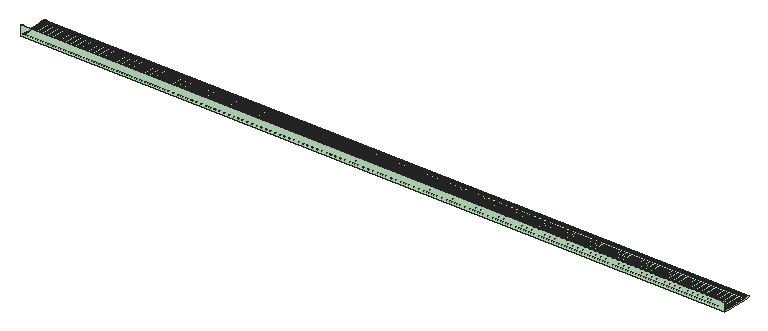
Revit family "PowerL125", category 機械設備, Revit 2020
Family settings
  丸型コネクタ寸法 = 直径を使用
  種別 = なし
  パーツ タイプ = 標準
  作業面ベース = いいえ
  常に垂直 = はい
  ロード時にボイドで切り取り = いいえ
  共有 = いいえ
  部屋計算ポイント = いいえ
Parameters
  製造元 = "株式会社桐井製作所"
  既定の高さ = 0 mm
  URL = "https://www.kirii.co.jp/"
  K_長さ(mm) = 3000 mm
  K_品名 = "Power L 125(Power L75)"
  K_名称 = "耐震天井見切り"
  K_バージョン情報 = "20211216"
Reference planes
  plane 1 "中心(正面/背面)": y = 0
  plane 2: z = 0
  plane 3 "中心(左/右)": x = 0
  plane 4: x = 3000
Forms (mm)
  Extrusion 1, solid
    sketch origin (0, 0, 0) x (0, 1, 0) y (0, 0, 1)
      loop
        line (1.6, 1.6) -> (1.6, 38.4) -> (3, 38.4) -> (3, 40) -> (0.5, 40)
        arc (0.5, 40) -> (0.146, 39.854) -> (0, 39.5) r 0.5
        line (0, 39.5) -> (0, 0) -> (10.786, 0)
        arc (10.786, 0) -> (11.5, 0.3) -> (12.214, 0) r 1
        line (12.214, 0) -> (13.014, 0)
        arc (13.014, 0) -> (13.728, 0.3) -> (14.442, 0) r 1
        line (14.442, 0) -> (15.242, 0)
        arc (15.242, 0) -> (15.957, 0.3) -> (16.671, 0) r 1
        line (16.671, 0) -> (17.471, 0)
        arc (17.471, 0) -> (18.185, 0.3) -> (18.899, 0) r 1
        line (18.899, 0) -> (19.699, 0)
        arc (19.699, 0) -> (20.413, 0.3) -> (21.127, 0) r 1
        line (21.127, 0) -> (21.927, 0)
        arc (21.927, 0) -> (22.641, 0.3) -> (23.356, 0) r 1
        line (23.356, 0) -> (24.156, 0)
        arc (24.156, 0) -> (24.87, 0.3) -> (25.584, 0) r 1
        line (25.584, 0) -> (26.384, 0)
        arc (26.384, 0) -> (27.098, 0.3) -> (27.812, 0) r 1
        line (27.812, 0) -> (28.612, 0)
        arc (28.612, 0) -> (29.326, 0.3) -> (30.04, 0) r 1
        line (30.04, 0) -> (30.84, 0)
        arc (30.84, 0) -> (31.555, 0.3) -> (32.269, 0) r 1
        line (32.269, 0) -> (33.069, 0)
        arc (33.069, 0) -> (33.783, 0.3) -> (34.497, 0) r 1
        line (34.497, 0) -> (35.297, 0)
        arc (35.297, 0) -> (36.011, 0.3) -> (36.725, 0) r 1
        line (36.725, 0) -> (37.525, 0)
        arc (37.525, 0) -> (38.239, 0.3) -> (38.954, 0) r 1
        line (38.954, 0) -> (39.754, 0)
        arc (39.754, 0) -> (40.468, 0.3) -> (41.182, 0) r 1
        line (41.182, 0) -> (41.982, 0)
        arc (41.982, 0) -> (42.696, 0.3) -> (43.41, 0) r 1
        line (43.41, 0) -> (44.21, 0)
        arc (44.21, 0) -> (44.924, 0.3) -> (45.638, 0) r 1
        line (45.638, 0) -> (46.438, 0)
        arc (46.438, 0) -> (47.153, 0.3) -> (47.867, 0) r 1
        line (47.867, 0) -> (48.667, 0)
        arc (48.667, 0) -> (49.381, 0.3) -> (50.095, 0) r 1
        line (50.095, 0) -> (50.895, 0)
        arc (50.895, 0) -> (51.609, 0.3) -> (52.323, 0) r 1
        line (52.323, 0) -> (53.123, 0)
        arc (53.123, 0) -> (53.837, 0.3) -> (54.552, 0) r 1
        line (54.552, 0) -> (55.352, 0)
        arc (55.352, 0) -> (56.066, 0.3) -> (56.78, 0) r 1
        line (56.78, 0) -> (57.58, 0)
        arc (57.58, 0) -> (58.294, 0.3) -> (59.008, 0) r 1
        line (59.008, 0) -> (59.808, 0)
        arc (59.808, 0) -> (60.522, 0.3) -> (61.236, 0) r 1
        line (61.236, 0) -> (62.036, 0)
        arc (62.036, 0) -> (62.751, 0.3) -> (63.465, 0) r 1
        line (63.465, 0) -> (64.265, 0)
        arc (64.265, 0) -> (64.979, 0.3) -> (65.693, 0) r 1
        line (65.693, 0) -> (66.493, 0)
        arc (66.493, 0) -> (67.207, 0.3) -> (67.921, 0) r 1
        line (67.921, 0) -> (68.721, 0)
        arc (68.721, 0) -> (69.435, 0.3) -> (70.15, 0) r 1
        line (70.15, 0) -> (70.95, 0)
        arc (70.95, 0) -> (71.664, 0.3) -> (72.378, 0) r 1
        line (72.378, 0) -> (73.178, 0)
        arc (73.178, 0) -> (73.892, 0.3) -> (74.606, 0) r 1
        line (74.606, 0) -> (75.406, 0)
        arc (75.406, 0) -> (76.12, 0.3) -> (76.834, 0) r 1
        line (76.834, 0) -> (77.634, 0)
        arc (77.634, 0) -> (78.349, 0.3) -> (79.063, 0) r 1
        line (79.063, 0) -> (79.863, 0)
        arc (79.863, 0) -> (80.577, 0.3) -> (81.291, 0) r 1
        line (81.291, 0) -> (82.091, 0)
        arc (82.091, 0) -> (82.805, 0.3) -> (83.519, 0) r 1
        line (83.519, 0) -> (84.319, 0)
        arc (84.319, 0) -> (85.033, 0.3) -> (85.748, 0) r 1
        line (85.748, 0) -> (86.548, 0)
        arc (86.548, 0) -> (87.262, 0.3) -> (87.976, 0) r 1
        line (87.976, 0) -> (88.776, 0)
        arc (88.776, 0) -> (89.49, 0.3) -> (90.204, 0) r 1
        line (90.204, 0) -> (91.004, 0)
        arc (91.004, 0) -> (91.718, 0.3) -> (92.432, 0) r 1
        line (92.432, 0) -> (93.232, 0)
        arc (93.232, 0) -> (93.947, 0.3) -> (94.661, 0) r 1
        line (94.661, 0) -> (95.461, 0)
        arc (95.461, 0) -> (96.175, 0.3) -> (96.889, 0) r 1
        line (96.889, 0) -> (97.689, 0)
        arc (97.689, 0) -> (98.403, 0.3) -> (99.117, 0) r 1
        line (99.117, 0) -> (99.917, 0)
        arc (99.917, 0) -> (100.631, 0.3) -> (101.346, 0) r 1
        line (101.346, 0) -> (102.146, 0)
        arc (102.146, 0) -> (102.86, 0.3) -> (103.574, 0) r 1
        line (103.574, 0) -> (104.374, 0)
        arc (104.374, 0) -> (105.088, 0.3) -> (105.802, 0) r 1
        line (105.802, 0) -> (106.602, 0)
        arc (106.602, 0) -> (107.316, 0.3) -> (108.03, 0) r 1
        line (108.03, 0) -> (108.83, 0)
        arc (108.83, 0) -> (109.545, 0.3) -> (110.259, 0) r 1
        line (110.259, 0) -> (111.059, 0)
        arc (111.059, 0) -> (111.773, 0.3) -> (112.487, 0) r 1
        line (112.487, 0) -> (115, 0) -> (125, 3) -> (125, 5) -> (123.6, 5) -> (123.6, 4.042) -> (116.4, 1.882) -> (116.4, 4.5)
        arc (116.4, 4.5) -> (116.254, 4.854) -> (115.9, 5) r 0.5
        line (115.9, 5) -> (111.5, 5)
        arc (111.5, 5) -> (111.077, 4.774) -> (111, 4.3) r 0.541
        arc (111, 4.3) -> (111.342, 3.826) -> (111.9, 4) r 0.5
        line (111.9, 4) -> (115, 4) -> (115, 1.7) -> (14.5, 1.7) -> (14.5, 4) -> (17.6, 4)
        arc (17.6, 4) -> (18.205, 3.844) -> (18.49, 4.4) r 0.5
        arc (18.49, 4.4) -> (18.387, 4.816) -> (18, 5) r 0.5
        line (18, 5) -> (13.8, 5)
        arc (13.8, 5) -> (13.446, 4.854) -> (13.3, 4.5) r 0.5
        line (13.3, 4.5) -> (13.3, 1.6) -> (1.6, 1.6)
    from 0 to 3000
Dimensions and locks
  "K_長さ(mm)": plane 4 to plane 3 "中心(左/右)"
  aligned and locked: level to plane 2
  aligned and locked: plane 4 to Extrusion 1
Automatic sketch dimensions
  Extrusion 1 sketch curve to level = 0 mm  (x47)
  Extrusion 1 sketch curve to plane 1 "中心(正面/背面)" = 0.5 mm
  Extrusion 1 sketch curve to plane 1 "中心(正面/背面)" = 1.6 mm
  Extrusion 1 sketch curve to Extrusion 1 sketch curve = 1.4 mm  (x3)
  Extrusion 1 sketch curve to Extrusion 1 sketch curve = 9.186 mm
  Extrusion 1 sketch curve to level = 0.7 mm  (x46)
  Extrusion 1 sketch curve to Extrusion 1 sketch curve = 0.714 mm  (x46)
  Extrusion 1 sketch curve to Extrusion 1 sketch curve = 0.8 mm  (x45)
  Extrusion 1 sketch curve to Extrusion 1 sketch curve = 0.286 mm
  Extrusion 1 sketch curve to Extrusion 1 sketch curve = 0.5 mm  (x2)
  Extrusion 1 sketch curve to Extrusion 1 sketch curve = 1.2 mm
  Extrusion 1 sketch curve to Extrusion 1 sketch curve = 3.1 mm  (x2)
  Extrusion 1 sketch curve to Extrusion 1 sketch curve = 0.4 mm  (x2)
  Extrusion 1 sketch curve to Extrusion 1 sketch curve = 0 mm  (x3)
  Extrusion 1 sketch curve to Extrusion 1 sketch curve = 0.441 mm
  Extrusion 1 sketch curve to Extrusion 1 sketch curve = 0.017 mm
  Extrusion 1 sketch curve to Extrusion 1 sketch curve = 0.9 mm
  level to Extrusion 1 sketch curve = 1.882 mm
  Extrusion 1 sketch curve to Extrusion 1 sketch curve = 7.2 mm
  level to Extrusion 1 sketch curve = 1.6 mm
  Extrusion 1 sketch curve to Extrusion 1 sketch curve = 0.182 mm
  level to Extrusion 1 sketch curve = 3 mm
  Extrusion 1 sketch curve to Extrusion 1 sketch curve = 2.3 mm  (x2)
  Extrusion 1 sketch curve to Extrusion 1 sketch curve = 1.042 mm
  Extrusion 1 sketch curve to Extrusion 1 sketch curve = 0.3 mm  (x2)
  Extrusion 1 sketch curve to Extrusion 1 sketch curve = 0.159 mm
  Extrusion 1 sketch curve to Extrusion 1 sketch curve = 0.2 mm
  Extrusion 1 sketch curve to Extrusion 1 sketch curve = 0.958 mm
  Extrusion 1 sketch curve to Extrusion 1 sketch curve = 33.4 mm
  Extrusion 1 sketch curve to Extrusion 1 sketch curve = 1.1 mm
  Extrusion 1 sketch curve to plane 1 "中心(正面/背面)" = 0 mm
